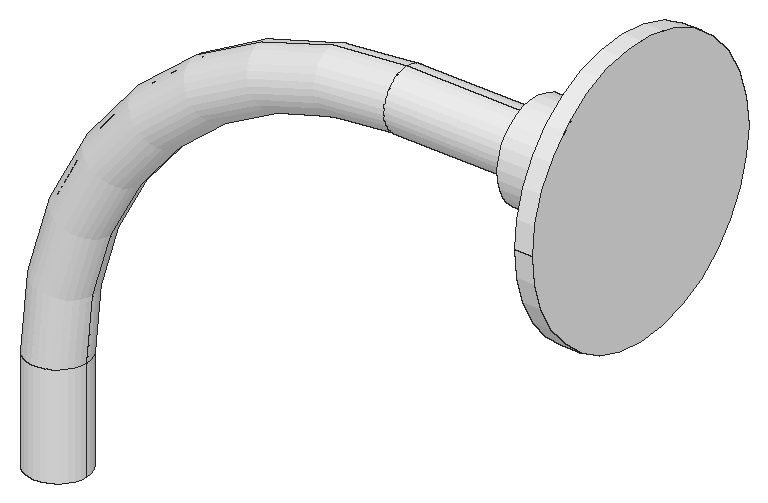
Revit family "E15", category Generic Models, Revit 2017
Family settings
  Can host rebar = No
  Round Connector Dimension = Use Diameter
  Part Type = Normal
  Work Plane-Based = No
  Always vertical = Yes
  Cut with Voids When Loaded = No
  Shared = No
  Room Calculation Point = No
Parameters
  E15 = Aluminum
Reference planes (in)
  plane 1 "Center (Front/Back)": y = 0
  plane 2: z = 0
  plane 3 "Center (Left/Right)": x = 0
Forms (in)
  Extrusion 1, solid, material "Aluminum" <- "E15"
    sketch origin (6.10546, -0.02359, 0.15202) x (0, 1, 0) y (0, 0, 1)
      loop
        circle (0, 14.39079) r 2.3125
    from -0.78891 to -0.47641
  Extrusion 2, solid, material "Aluminum" <- "E15"
    sketch origin (6.10546, -0.02359, 0.15202) x (0, 1, 0) y (0, 0, 1)
      loop
        circle (0, 14.39079) r 1.9734
    from -0.85141 to -0.78891
  Extrusion 3, solid, material "Aluminum" <- "E15"
    sketch origin (6.10546, -0.02359, 0.15202) x (0, 1, 0) y (0, 0, 1)
      loop
        circle (0, 14.39079) r 0.5
      loop
        line (-0.33, 13.64559) -> (-0.33, 13.39079) -> (0.33, 13.39079) -> (0.33, 13.64559)
        arc (0.33, 13.64559) -> (0, 15.20579) -> (-0.33, 13.64559) r 0.815
    from -2.28891 to -0.85141
  Sweep 4, solid, material "Aluminum" <- "E15"
    path origin (-23.46357, 0, -0.54368) x (1, 0, 0) y (0, 0, 1)
      loop
        line (28.71762, 15.0865) -> (25.06137, 15.0865)
        arc (25.06137, 15.0865) -> (20.81873, 13.32914) -> (19.06137, 9.0865) r 6
        line (19.06137, 9.0865) -> (19.06137, 7.3365)
    profile origin (3.42593, 0, 14.54282) x (0, 0, -1) y (0, -1, 0)
      loop
        circle (0, 0) r 0.5
      loop
        circle (0, 0) r 0.4375
Dimensions and locks (in)
  aligned and locked: plane 2 to level
